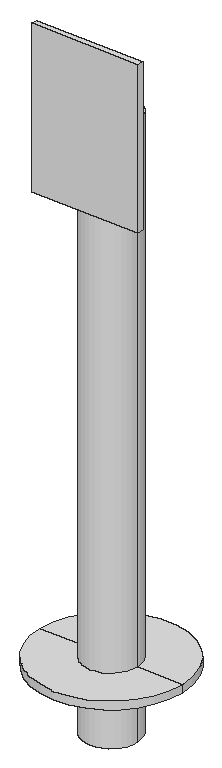
Revit family "TemID_Кронштейн крепления на турникет для FaceDepot_7A KJZ-03", category Охранная сигнализация, Revit 2020
Family settings
  Сохранять ориентацию аннотаций = Нет
  Размер круглого соединителя = Использовать диаметр
  Тип детали = Нормальный
  На основе рабочей плоскости = Нет
  Всегда вертикально = Нет
  При загрузке вырезать с полостями = Нет
  Общий = Да
  Точка расчета площади = Да
Parameters (values of type "FaceDepot_7A KJZ-03")
  УГО_Смещение_Y [instance] = 0 mm
  УГО_Смещение_X [instance] = 0 mm
  УГО_Разворот [instance] = 1 = 0  # no
  УГО_В_Смещение_Y [instance] = УГО_Смещение_Y + 250 mm  # 250 mm
  УГО_В_Смещение_X [instance] = 0 mm
  УГО_В_Развернуто [instance] = if(and(УГО, УГО_Разворот), 1 = 1, 1 = 0)  # no
  УГО [instance] = 1 = 0  # no
  Отметка по умолчанию = 0 mm
  Отметка от середины [instance] = not(or(Отметка от верха, Отметка от низа))  # no
  Отметка от низа [instance] = 1 = 1  # yes
  Отметка от верха [instance] = 1 = 0  # no
  Материал = Светло-серый
  Зона обслуживания_Отступ от прибора = 50 mm
  УГО_Смещение_Вправо [instance] = if(УГО_В_Смещение_X > 0 mm, УГО_В_Смещение_X, if(УГО_В_Смещение_X < 0 mm, 0 mm, 0 mm))  # 0 mm
  УГО_Смещение_Влево [instance] = if(УГО_В_Смещение_X > 0 mm, 0 mm, if(УГО_В_Смещение_X < 0 mm, -УГО_В_Смещение_X, 0 mm))  # 0 mm
  УГО_Смещение_Вниз [instance] = if(-УГО_В_Смещение_Y > 0 mm, 0 mm, if(-УГО_В_Смещение_Y < 0 mm, УГО_В_Смещение_Y, 0 mm))  # 250 mm
  УГО_Смещение_Вверх [instance] = if(-УГО_В_Смещение_Y > 0 mm, -УГО_В_Смещение_Y, if(-УГО_В_Смещение_Y < 0 mm, 0 mm, 0 mm))  # 0 mm
  УГО_В_Прямое [instance] = if(and(УГО, not(УГО_Разворот)), 1 = 1, 1 = 0)  # no
  УГО_Тип = УГО_СКУД_Считыватель : нет
  Зона обслуживания_Ширина [instance] = if(Зона обслуживания, ADSK_Размер_Ширина + Зона обслуживания_Отступ от прибора * 2, 1 mm)  # 1 mm
  Зона обслуживания_Глубина [instance] = if(Зона обслуживания, ADSK_Размер_Глубина + Зона обслуживания_Отступ от прибора * 2, 1 mm)  # 1 mm
  Зона обслуживания_Высота [instance] = if(Зона обслуживания, ADSK_Размер_Высота + Зона обслуживания_Отступ от прибора, 1 mm)  # 1 mm
  Зона обслуживания [instance] = 1 = 0  # no
  Высота 2 отм. [instance] = if(В_Отметка от верха, ADSK_Размер_Высота, if(В_Отметка от середины, (ADSK_Размер_Высота / 2), 0 mm))  # 0 mm
  Высота 1 отм. [instance] = if(В_Отметка от низа, ADSK_Размер_Высота, if(В_Отметка от середины, (ADSK_Размер_Высота / 2), 0 mm))  # 370 mm
  В_Отметка от середины [instance] = if(and(Отметка от верха, Отметка от низа), 1 = 1, Отметка от середины)  # no
  В_Отметка от низа [instance] = if(Отметка от низа, if(not(or(Отметка от верха, Отметка от середины)), 1 = 1, 1 = 0), 1 = 0)  # yes
  В_Отметка от верха [instance] = if(Отметка от верха, if(not(or(Отметка от низа, Отметка от середины)), 1 = 1, 1 = 0), 1 = 0)  # no
  URL = "https://temid-global.ru/catalog/kontrol-dostupa/aksessuary-skud/kjz-03"
  ADSK_Этаж [instance] = ""
  ADSK_Тип = "7A KJZ-03"
  ADSK_Система_Тип [instance] = ""
  ADSK_Размер_Ширина = ADSK_Размер_Глубина  # 35 mm
  ADSK_Размер_Смещение от уровня [instance] = 0 mm
  ADSK_Размер_Глубина = 35 mm
  ADSK_Размер_Высота = 370 mm
  ADSK_Раздел спецификации = "3. Периферийное оборудование"
  ADSK_Принадлежность к разделу [instance] = ""
  ADSK_Обозначение = "RD"
  ADSK_Номер корпуса [instance] = ""
  ADSK_Наименование = "Кронштейн крепления на турникет для FaceDepot"
  ADSK_Масса_Текст = ""
  ADSK_Марка = ADSK_Тип  # "7A KJZ-03"
  ADSK_Количество = 1  # constant formula
  ADSK_Код изделия = ""
  ADSK_Завод-изготовитель = "TemID"  # constant formula
  ADSK_Единица измерения = "шт."  # constant formula
  =Отметка= [instance] = "=Отметка="  # constant formula
  =Зона обслуживания= [instance] = "=Зона обслуживания="  # constant formula
  =Габариты= = "=Габариты="  # constant formula
Reference planes
  plane 1 "По центру (Вперед/Назад)": y = 0
  plane 2: z = 0
  plane 3 "По центру (Влево/Вправо)": x = 0
  plane 4 "Смещение от уровня": z = 0
  plane 5 "Сдвиг УГО слева Х": x = 0
  plane 6 "УГО сдвиг справа Х": x = 0
  plane 7: y = -250
  plane 8: y = 0
  plane 9: x = -2141.414
  plane 10: y = -1110.511
  plane 11 "Геометрия низ": y = -35
  plane 12 "Геометрия слева": x = -17.5
  plane 13 "Геометрия право": x = 17.5
  plane 14 "Геометрия вверх основание": z = 370
  plane 15 "ЗО лево": x = -0.5
  plane 16 "ЗО право": x = 0.5
  plane 17 "ЗО низ": y = -1
  plane 18 "ЗО вверх основание": z = 185.5
  plane 19: x = 0
  plane 20: y = -250
  plane 21 "Геометрия низ основание": z = 0
  plane 22 "ЗО низ основание": z = 184.5
  plane 23 "ЗО Смещение от уровня": z = 185
Forms (mm)
  Extrusion 1, solid, material "Зона обслуживания", visible <- "Зона обслуживания", detail levels fine
    sketch origin (0, 0, 0) x (1, 0, 0) y (0, 0, 1)
      loop
        line (-0.5, 185.5) -> (-0.5, 184.5) -> (0.5, 184.5) -> (0.5, 185.5) -> (-0.5, 185.5)
    from 0 to 1
  Revolve 2, solid, material "Светло-серый" <- "Материал"
    sketch origin (0, 0, 0) x (1, 0, 0) y (0, 0, 1)
      loop
        line (0, 0) -> (0, 370) -> (-17.5, 370) -> (-17.5, 45) -> (-47.5, 45) -> (-47.5, 40) -> (-17.5, 40) -> (-17.5, 0) -> (0, 0)
      axis (0, 0) -> (0, 370)
    angle from 0 to 360
  Extrusion 3, solid, material "Светло-серый" <- "Материал", detail levels fine
    sketch origin (0, 0, 0) x (1, 0, 0) y (0, 0, 1)
      loop
        line (-35.156, 420.24) -> (-35.156, 319.76) -> (35.156, 319.76) -> (35.156, 420.24) -> (-35.156, 420.24)
    from 18 to 22
Dimensions and locks
  "ADSK_Размер_Смещение от уровня": plane 2 to plane 4 "Смещение от уровня"
  "УГО_Смещение_Влево": plane 5 "Сдвиг УГО слева Х" to plane 3 "По центру (Влево/Вправо)"
  "УГО_Смещение_Вправо": plane 5 "Сдвиг УГО слева Х" to plane 6 "УГО сдвиг справа Х"
  "УГО_Смещение_Вниз": plane 8 to plane 7
  "УГО_Смещение_Вверх": plane 1 "По центру (Вперед/Назад)" to plane 8
  equal spacing: plane 12 "Геометрия слева", plane 3 "По центру (Влево/Вправо)", plane 13 "Геометрия право"
  "ADSK_Размер_Ширина": plane 12 "Геометрия слева" to plane 13 "Геометрия право"
  "Зона обслуживания_Глубина": plane 1 "По центру (Вперед/Назад)" to plane 17 "ЗО низ"
  equal spacing: plane 15 "ЗО лево", plane 3 "По центру (Влево/Вправо)", plane 16 "ЗО право"
  "Зона обслуживания_Ширина": plane 15 "ЗО лево" to plane 16 "ЗО право"
  "Высота 2 отм.": plane 4 "Смещение от уровня" to plane 21 "Геометрия низ основание"
  "Высота 1 отм.": plane 14 "Геометрия вверх основание" to plane 4 "Смещение от уровня"
  "ADSK_Размер_Глубина": plane 11 "Геометрия низ" to plane 1 "По центру (Вперед/Назад)"
  equal spacing: plane 14 "Геометрия вверх основание", plane 23 "ЗО Смещение от уровня", plane 21 "Геометрия низ основание"
  equal spacing: plane 18 "ЗО вверх основание", plane 23 "ЗО Смещение от уровня", plane 22 "ЗО низ основание"
  "Зона обслуживания_Высота": plane 18 "ЗО вверх основание" to plane 22 "ЗО низ основание"
  plane 21 "Геометрия низ основание" to Revolve 2 sketch curve = 40 mm
  Revolve 2 sketch curve to Revolve 2 sketch curve = 5 mm
  equal spacing: Extrusion 3 sketch curve, plane 3 "По центру (Влево/Вправо)", Extrusion 3 sketch curve
  equal spacing: Extrusion 3 sketch curve, Revolve 2, Extrusion 3 sketch curve
  Extrusion 3 sketch curve to Extrusion 3 sketch curve = 100.481 mm
  Extrusion 3 sketch curve to Extrusion 3 sketch curve = 70.312 mm
  aligned and locked: level to plane 2
  aligned and locked: plane 19 to plane 6 "УГО сдвиг справа Х"
  aligned and locked: plane 7 to plane 20
  aligned and locked: Extrusion 1 sketch curve to plane 18 "ЗО вверх основание"
  aligned and locked: Extrusion 1 sketch curve to plane 15 "ЗО лево"
  aligned and locked: Extrusion 1 sketch curve to plane 22 "ЗО низ основание"
  aligned and locked: plane 16 "ЗО право" to Extrusion 1 sketch curve
  aligned and locked: Extrusion 1 to plane 17 "ЗО низ"
  aligned and locked: plane 21 "Геометрия низ основание" to Revolve 2 sketch curve
  aligned and locked: Revolve 2 sketch curve to plane 14 "Геометрия вверх основание"
  aligned and locked: Revolve 2 sketch curve to plane 12 "Геометрия слева"  (x2)
  aligned and locked: Revolve 2 sketch curve to plane 3 "По центру (Влево/Вправо)"  (x2)
Automatic sketch dimensions
  Revolve 2 sketch curve to plane 12 "Геометрия слева" = 30 mm
  Revolve 2 sketch curve to level = 381 mm
  Revolve 2 sketch curve to plane 14 "Геометрия вверх основание" = 65.989 mm
Nested families
  nested 1: "УГО_СКУД_Считыватель" at (-2141.414, -1110.511, 0), type <- "УГО_Тип", visible <- "УГО_В_Прямое", type "нет", not visible, detail levels coarse+medium
  nested 2: "УГО_СКУД_Считыватель" at (-2141.414, -1110.511, 0) x (-1, 0, 0) z (0, 0, 1), type <- "УГО_Тип", visible <- "УГО_В_Развернуто", type "нет", not visible, detail levels coarse+medium
  nested 3: "УГО_СКУД_Считыватель" at (0, -250, 0), type <- "УГО_Тип", visible <- "УГО_В_Прямое", type "нет", detail levels coarse+medium
  nested 4: "УГО_СКУД_Считыватель" at (0, -250, 0) x (-1, 0, 0) z (0, 0, 1), type <- "УГО_Тип", visible <- "УГО_В_Развернуто", type "нет", detail levels coarse+medium
Connectors
  electrical at (0, 0, 0)
    settings: index 1, voltage 0 V, apparent load 0 VA, apparent load phase1 0 VA, apparent load phase2 0 VA, apparent load phase3 0 VA, power factor 1, load classification "Прочее", number of poles 1, system type 10, power factor state 1, is connector primary yes, connector utility no, sub classification motor no, connector description ""
Definition of nested family "УГО_СКУД_Считыватель"
  Parameters (values of type "нет")
    Считыватель_уличный = no
    Считыватель_внутренний = no
  Reference planes
    plane 1: y = 0
    plane 2: x = 0
